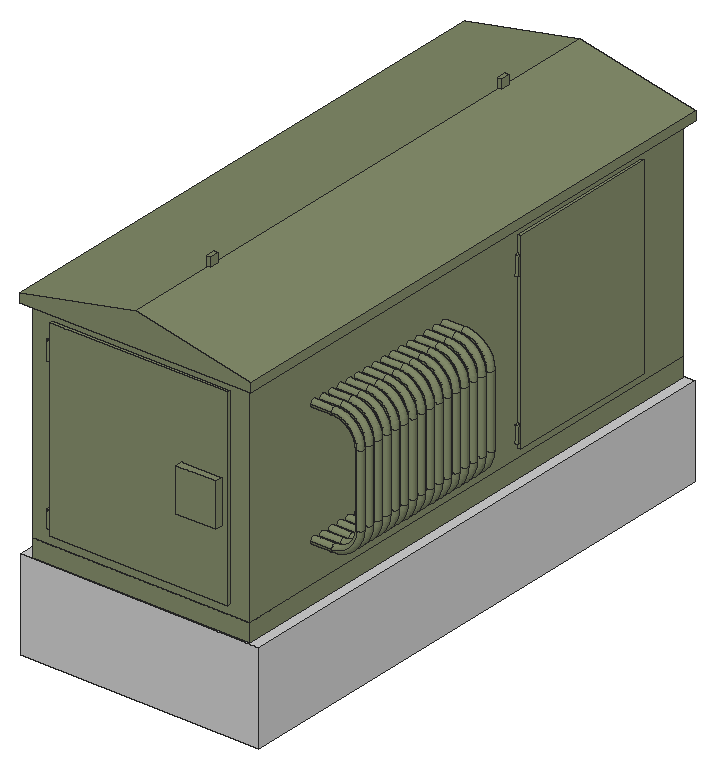
Revit family "PFX_A3-Mini-SUb", category Site, Revit 2016
Family settings
  Part Type = Undefined
  Round Connector Dimension = Use Diameter
  Work Plane-Based = No
  Always vertical = Yes
  Cut with Voids When Loaded = No
  Shared = No
Reference planes
  plane 1 "Center (Front/Back)": y = 0
  plane 2: z = 0
  plane 3 "Center (Left/Right)": x = 0
  plane 4: z = 250
  plane 5: z = 350
  plane 6: z = 1520
  plane 7: z = 1703
  plane 8: x = -640
  plane 9: x = 640
  plane 10: y = 1500
  plane 11: y = -1500
  plane 12: y = -1540
  plane 13: y = 1540
Forms (mm)
  Extrusion 1, solid, material "Concrete - Cast In Situ"
    sketch origin (0, 0, 0) x (1, 0, 0) y (0, 1, 0)
      loop
        line (-660, 1510) -> (-660, -1510) -> (660, -1510) -> (660, 1510) -> (-660, 1510)
      loop
        line (-530, 1380) -> (-530, 580) -> (530, 580) -> (530, 1380) -> (-530, 1380)
      loop
        line (530, -1380) -> (530, 450) -> (-530, 450) -> (-530, -1380) -> (530, -1380)
    from -250 to 250
  Extrusion 2, solid, material "Metal - Steel MiniSub"
    sketch origin (0, 0, 0) x (1, 0, 0) y (0, 1, 0)
      loop
        line (-600, 1500) -> (-600, -1500) -> (600, -1500) -> (600, 1500) -> (-600, 1500)
    from 250 to 350
  Extrusion 3, solid, material "Metal - Steel MiniSub"
    sketch origin (0, 0, 0) x (1, 0, 0) y (0, 1, 0)
      loop
        line (-600, 1500) -> (-600, -1500) -> (600, -1500) -> (600, 1500) -> (-600, 1500)
    from 350 to 1520
  Extrusion 4, solid, material "Metal - Steel MiniSub"
    sketch origin (0, 0, 0) x (1, 0, 0) y (0, 0, 1)
      loop
        line (-640, 1520) -> (640, 1520) -> (640, 1570) -> (0, 1703) -> (-640, 1570) -> (-640, 1520)
    from -1540 to 1540
  Extrusion 5, solid, material "Metal - Steel MiniSub"
    sketch origin (0, 0, 0) x (1, 0, 0) y (0, 1, 0)
      loop
        line (-492.5, -1500) -> (-492.5, -1520) -> (492.5, -1520) -> (492.5, -1500) -> (-492.5, -1500)
      loop
        line (-492.5, 1500) -> (492.5, 1500) -> (492.5, 1520) -> (-492.5, 1520) -> (-492.5, 1500)
      loop
        line (600, 352.5) -> (620, 352.5) -> (620, 1207.5) -> (600, 1207.5) -> (600, 352.5)
      loop
        line (-600, 352.5) -> (-600, 1207.5) -> (-620, 1207.5) -> (-620, 352.5) -> (-600, 352.5)
    from 404.274 to 1464.274
  Extrusion 6, solid, material "Metal - Steel MiniSub"
    sketch origin (0, 0, 0) x (1, 0, 0) y (0, 1, 0)
      loop
        line (-600, -1272.5) -> (-600, -668.5) -> (-620, -668.5) -> (-620, -1272.5) -> (-600, -1272.5)
    from 404.274 to 1464.274
  Extrusion 7, solid, material "Metal - Steel MiniSub"
    sketch origin (0, 604, 0) x (1, 0, 0) y (0, 1, 0)
      loop
        line (-600, -1272.5) -> (-600, -668.5) -> (-620, -668.5) -> (-620, -1272.5) -> (-600, -1272.5)
    from 404.274 to 1464.274
  Extrusion 8, solid, material "Metal - Steel MiniSub"
    sketch origin (0, 0, 0) x (1, 0, 0) y (0, 1, 0)
      loop
        line (-460.554, 1520) -> (-240.554, 1520) -> (-240.554, 1560) -> (-460.554, 1560) -> (-460.554, 1520)
      loop
        line (-620, -636.554) -> (-620, -416.554) -> (-660, -416.554) -> (-660, -636.554) -> (-620, -636.554)
      loop
        line (460.554, -1520) -> (240.554, -1520) -> (240.554, -1560) -> (460.554, -1560) -> (460.554, -1520)
    from 789.679 to 1029.679
  Extrusion 9, solid, material "Metal - Steel MiniSub"
    sketch origin (0, 0, 0) x (1, 0, 0) y (0, 1, 0)
      loop
        circle (502.5, 1510) r 10
      loop
        circle (-502.5, -1510) r 10
      loop
        circle (-610, -1282.5) r 10
      loop
        circle (-610, -54.5) r 10
      loop
        circle (-610, 342.5) r 10
      loop
        circle (610, 342.5) r 10
    from 437.682 to 528.268
  Extrusion 10, solid, material "Metal - Steel MiniSub"
    sketch origin (0, 0, 0) x (1, 0, 0) y (0, 1, 0)
      loop
        circle (502.5, 1510) r 10
      loop
        circle (-502.5, -1510) r 10
      loop
        circle (-610, -1282.5) r 10
      loop
        circle (-610, -54.5) r 10
      loop
        circle (-610, 342.5) r 10
      loop
        circle (610, 342.5) r 10
    from 1269.539 to 1372.264
  Sweep 11, solid, material "Metal - Steel MiniSub"
    path origin (0, -160, 0) x (1, 0, 0) y (0, 0, 1)
      loop
        line (600, 1269.539) -> (720, 1269.539)
        arc (720, 1269.539) -> (833.137, 1222.676) -> (880, 1109.539) r 160
        line (880, 1109.539) -> (880, 709.539)
        arc (880, 709.539) -> (833.137, 596.402) -> (720, 549.539) r 160
        line (720, 549.539) -> (600, 549.539)
    profile origin (660, -160, 1269.539) x (0, 0, 1) y (0, -1, 0)
      loop
        circle (-20, 0) r 20
  Sweep 12, solid, material "Metal - Steel MiniSub"
    path origin (0, -220, 0) x (1, 0, 0) y (0, 0, 1)
      loop
        line (600, 1269.539) -> (720, 1269.539)
        arc (720, 1269.539) -> (833.137, 1222.676) -> (880, 1109.539) r 160
        line (880, 1109.539) -> (880, 709.539)
        arc (880, 709.539) -> (833.137, 596.402) -> (720, 549.539) r 160
        line (720, 549.539) -> (600, 549.539)
    profile origin (660, -220, 1269.539) x (0, 0, 1) y (0, -1, 0)
      loop
        circle (-20, 0) r 20
  Sweep 13, solid, material "Metal - Steel MiniSub"
    path origin (0, -280, 0) x (1, 0, 0) y (0, 0, 1)
      loop
        line (600, 1269.539) -> (720, 1269.539)
        arc (720, 1269.539) -> (833.137, 1222.676) -> (880, 1109.539) r 160
        line (880, 1109.539) -> (880, 709.539)
        arc (880, 709.539) -> (833.137, 596.402) -> (720, 549.539) r 160
        line (720, 549.539) -> (600, 549.539)
    profile origin (660, -280, 1269.539) x (0, 0, 1) y (0, -1, 0)
      loop
        circle (-20, 0) r 20
  Sweep 14, solid, material "Metal - Steel MiniSub"
    path origin (0, -340, 0) x (1, 0, 0) y (0, 0, 1)
      loop
        line (600, 1269.539) -> (720, 1269.539)
        arc (720, 1269.539) -> (833.137, 1222.676) -> (880, 1109.539) r 160
        line (880, 1109.539) -> (880, 709.539)
        arc (880, 709.539) -> (833.137, 596.402) -> (720, 549.539) r 160
        line (720, 549.539) -> (600, 549.539)
    profile origin (660, -340, 1269.539) x (0, 0, 1) y (0, -1, 0)
      loop
        circle (-20, 0) r 20
  Sweep 15, solid, material "Metal - Steel MiniSub"
    path origin (0, -400, 0) x (1, 0, 0) y (0, 0, 1)
      loop
        line (600, 1269.539) -> (720, 1269.539)
        arc (720, 1269.539) -> (833.137, 1222.676) -> (880, 1109.539) r 160
        line (880, 1109.539) -> (880, 709.539)
        arc (880, 709.539) -> (833.137, 596.402) -> (720, 549.539) r 160
        line (720, 549.539) -> (600, 549.539)
    profile origin (660, -400, 1269.539) x (0, 0, 1) y (0, -1, 0)
      loop
        circle (-20, 0) r 20
  Sweep 16, solid, material "Metal - Steel MiniSub"
    path origin (0, -460, 0) x (1, 0, 0) y (0, 0, 1)
      loop
        line (600, 1269.539) -> (720, 1269.539)
        arc (720, 1269.539) -> (833.137, 1222.676) -> (880, 1109.539) r 160
        line (880, 1109.539) -> (880, 709.539)
        arc (880, 709.539) -> (833.137, 596.402) -> (720, 549.539) r 160
        line (720, 549.539) -> (600, 549.539)
    profile origin (660, -460, 1269.539) x (0, 0, 1) y (0, -1, 0)
      loop
        circle (-20, 0) r 20
  Sweep 17, solid, material "Metal - Steel MiniSub"
    path origin (0, -520, 0) x (1, 0, 0) y (0, 0, 1)
      loop
        line (600, 1269.539) -> (720, 1269.539)
        arc (720, 1269.539) -> (833.137, 1222.676) -> (880, 1109.539) r 160
        line (880, 1109.539) -> (880, 709.539)
        arc (880, 709.539) -> (833.137, 596.402) -> (720, 549.539) r 160
        line (720, 549.539) -> (600, 549.539)
    profile origin (660, -520, 1269.539) x (0, 0, 1) y (0, -1, 0)
      loop
        circle (-20, 0) r 20
  Sweep 18, solid, material "Metal - Steel MiniSub"
    path origin (0, -580, 0) x (1, 0, 0) y (0, 0, 1)
      loop
        line (600, 1269.539) -> (720, 1269.539)
        arc (720, 1269.539) -> (833.137, 1222.676) -> (880, 1109.539) r 160
        line (880, 1109.539) -> (880, 709.539)
        arc (880, 709.539) -> (833.137, 596.402) -> (720, 549.539) r 160
        line (720, 549.539) -> (600, 549.539)
    profile origin (660, -580, 1269.539) x (0, 0, 1) y (0, -1, 0)
      loop
        circle (-20, 0) r 20
  Sweep 19, solid, material "Metal - Steel MiniSub"
    path origin (0, -640, 0) x (1, 0, 0) y (0, 0, 1)
      loop
        line (600, 1269.539) -> (720, 1269.539)
        arc (720, 1269.539) -> (833.137, 1222.676) -> (880, 1109.539) r 160
        line (880, 1109.539) -> (880, 709.539)
        arc (880, 709.539) -> (833.137, 596.402) -> (720, 549.539) r 160
        line (720, 549.539) -> (600, 549.539)
    profile origin (660, -640, 1269.539) x (0, 0, 1) y (0, -1, 0)
      loop
        circle (-20, 0) r 20
  Sweep 20, solid, material "Metal - Steel MiniSub"
    path origin (0, -700, 0) x (1, 0, 0) y (0, 0, 1)
      loop
        line (600, 1269.539) -> (720, 1269.539)
        arc (720, 1269.539) -> (833.137, 1222.676) -> (880, 1109.539) r 160
        line (880, 1109.539) -> (880, 709.539)
        arc (880, 709.539) -> (833.137, 596.402) -> (720, 549.539) r 160
        line (720, 549.539) -> (600, 549.539)
    profile origin (660, -700, 1269.539) x (0, 0, 1) y (0, -1, 0)
      loop
        circle (-20, 0) r 20
  Sweep 21, solid, material "Metal - Steel MiniSub"
    path origin (0, -760, 0) x (1, 0, 0) y (0, 0, 1)
      loop
        line (600, 1269.539) -> (720, 1269.539)
        arc (720, 1269.539) -> (833.137, 1222.676) -> (880, 1109.539) r 160
        line (880, 1109.539) -> (880, 709.539)
        arc (880, 709.539) -> (833.137, 596.402) -> (720, 549.539) r 160
        line (720, 549.539) -> (600, 549.539)
    profile origin (660, -760, 1269.539) x (0, 0, 1) y (0, -1, 0)
      loop
        circle (-20, 0) r 20
  Sweep 22, solid, material "Metal - Steel MiniSub"
    path origin (0, -820, 0) x (1, 0, 0) y (0, 0, 1)
      loop
        line (600, 1269.539) -> (720, 1269.539)
        arc (720, 1269.539) -> (833.137, 1222.676) -> (880, 1109.539) r 160
        line (880, 1109.539) -> (880, 709.539)
        arc (880, 709.539) -> (833.137, 596.402) -> (720, 549.539) r 160
        line (720, 549.539) -> (600, 549.539)
    profile origin (660, -820, 1269.539) x (0, 0, 1) y (0, -1, 0)
      loop
        circle (-20, 0) r 20
  Sweep 23, solid, material "Metal - Steel MiniSub"
    path origin (0, -880, 0) x (1, 0, 0) y (0, 0, 1)
      loop
        line (600, 1269.539) -> (720, 1269.539)
        arc (720, 1269.539) -> (833.137, 1222.676) -> (880, 1109.539) r 160
        line (880, 1109.539) -> (880, 709.539)
        arc (880, 709.539) -> (833.137, 596.402) -> (720, 549.539) r 160
        line (720, 549.539) -> (600, 549.539)
    profile origin (660, -880, 1269.539) x (0, 0, 1) y (0, -1, 0)
      loop
        circle (-20, 0) r 20
  Sweep 24, solid, material "Metal - Steel MiniSub"
    path origin (0, -940, 0) x (1, 0, 0) y (0, 0, 1)
      loop
        line (600, 1269.539) -> (720, 1269.539)
        arc (720, 1269.539) -> (833.137, 1222.676) -> (880, 1109.539) r 160
        line (880, 1109.539) -> (880, 709.539)
        arc (880, 709.539) -> (833.137, 596.402) -> (720, 549.539) r 160
        line (720, 549.539) -> (600, 549.539)
    profile origin (660, -940, 1269.539) x (0, 0, 1) y (0, -1, 0)
      loop
        circle (-20, 0) r 20
  Sweep 25, solid, material "Metal - Steel MiniSub"
    path origin (0, -1000, 0) x (1, 0, 0) y (0, 0, 1)
      loop
        line (600, 1269.539) -> (720, 1269.539)
        arc (720, 1269.539) -> (833.137, 1222.676) -> (880, 1109.539) r 160
        line (880, 1109.539) -> (880, 709.539)
        arc (880, 709.539) -> (833.137, 596.402) -> (720, 549.539) r 160
        line (720, 549.539) -> (600, 549.539)
    profile origin (660, -1000, 1269.539) x (0, 0, 1) y (0, -1, 0)
      loop
        circle (-20, 0) r 20
  Sweep 26, solid, material "Metal - Steel MiniSub"
    path origin (0, -1060, 0) x (1, 0, 0) y (0, 0, 1)
      loop
        line (600, 1269.539) -> (720, 1269.539)
        arc (720, 1269.539) -> (833.137, 1222.676) -> (880, 1109.539) r 160
        line (880, 1109.539) -> (880, 709.539)
        arc (880, 709.539) -> (833.137, 596.402) -> (720, 549.539) r 160
        line (720, 549.539) -> (600, 549.539)
    profile origin (660, -1060, 1269.539) x (0, 0, 1) y (0, -1, 0)
      loop
        circle (-20, 0) r 20
  Extrusion 27, solid, material "Metal - Steel MiniSub"
    sketch origin (0, 0, 0) x (1, 0, 0) y (0, 1, 0)
      loop
        line (-10, 1032.191) -> (-10, 982.191) -> (10, 982.191) -> (10, 1032.191) -> (-10, 1032.191)
      loop
        line (-10, -1032.191) -> (10, -1032.191) -> (10, -982.191) -> (-10, -982.191) -> (-10, -1032.191)
    from 1703 to 1753
Dimensions and locks
  plane 6 to plane 5 to plane 4 = 1170 mm, 100 mm
  locked: plane 8 to plane 9 at 1280
  Extrusion 8 to plane 4 = 539.679 mm
  aligned: Extrusion 4 to Extrusion 27
